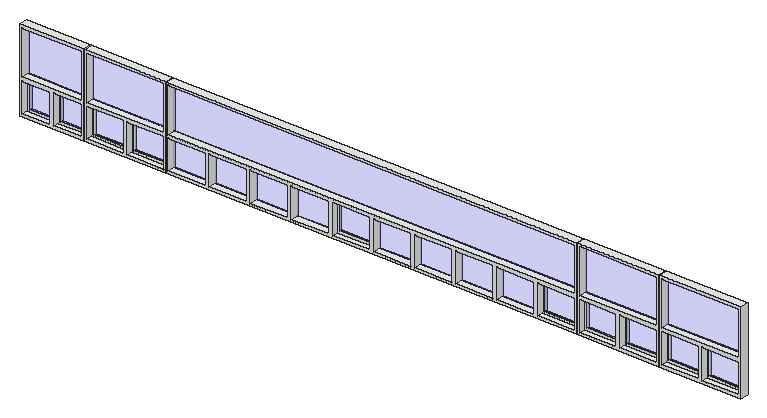
Revit family
Parameters (values of type "AW16")
  창 두께 = 150 mm
  창 패널 = AW16 창 패널
  창 프레임 = AW16 창 프레임
  Rough Height = 750 mm
  길이 1 = (Width - 5675 mm) / 10  # 750 mm
  Height = 1500 mm
  절반 창 두께 = 창 두께 / 2  # 75 mm
  기본 씰 높이 = 900 mm
  Wall Closure = (empty or 0)
  Width = 13175 mm
Reference planes
  plane 1: y = 0
  plane 2 "중심(왼쪽/오른쪽)": x = 0
  plane 3 "왼쪽": x = -6425
  plane 4 "오른쪽": x = 6750
  plane 5 "씰": z = 900
  plane 6 "헤드": z = 2400
  plane 7 "외부": y = 100
  plane 8 "내부": y = -100
  plane 9: y = 75
  plane 10: y = -75
  plane 11: y = 35
  plane 12: z = 1500
  plane 13: z = 1490
  plane 14: z = 1545
  plane 15: y = 55
  plane 16: y = 66
  plane 17: y = 44
  plane 18: y = -11
  plane 19: y = 11
  plane 20: x = 1500
  plane 21: x = 750
  plane 22: x = 2250
  plane 23: x = 3000
  plane 24: x = 3750
  plane 25: x = 32.5
  plane 26: x = 782.5
  plane 27: x = 717.5
  plane 28: x = 1532.5
  plane 29: x = 1467.5
  plane 30: x = 2282.5
  plane 31: x = 2217.5
  plane 32: x = 3032.5
  plane 33: x = 2967.5
  plane 34: x = 3717.5
  plane 35: z = 945
  plane 36: z = 2355
  plane 37: x = -1500
  plane 38: x = -750
  plane 39: x = -2250
  plane 40: x = -3000
  plane 41: x = -3750
  plane 42: x = -32.5
  plane 43: x = -782.5
  plane 44: x = -717.5
  plane 45: x = -1532.5
  plane 46: x = -1467.5
  plane 47: x = -2282.5
  plane 48: x = -2217.5
  plane 49: x = -3032.5
  plane 50: x = -2967.5
  plane 51: x = -3717.5
  plane 52: x = 3677.5
  plane 53: z = 985
  plane 54: x = 3072.5
  plane 55: z = 1450
  plane 56: x = -72.5
  plane 57: x = -677.5
  plane 58: z = 1450
  plane 59: z = 985
Forms (mm)
  Extrusion 1, solid, material "AW16 창 프레임" <- "창 프레임"
    sketch origin (-2000, 75, 1000) x (-1, 0, 0) y (0, 0, 1)
      loop
        line (-5750, 1400) -> (-5750, -100) -> (1750, -100) -> (1750, 1400) -> (-5750, 1400)
      loop
        line (-5717.5, 1355) -> (-5717.5, 545) -> (1717.5, 545) -> (1717.5, 1355) -> (-5717.5, 1355)
      loop
        line (-5717.5, 490) -> (-5717.5, -55) -> (-5032.5, -55) -> (-5032.5, 490) -> (-5717.5, 490)
      loop
        line (-4967.5, 490) -> (-4967.5, -55) -> (-4282.5, -55) -> (-4282.5, 490) -> (-4967.5, 490)
      loop
        line (-4217.5, 490) -> (-4217.5, -55) -> (-3532.5, -55) -> (-3532.5, 490) -> (-4217.5, 490)
      loop
        line (-3467.5, 490) -> (-3467.5, -55) -> (-2782.5, -55) -> (-2782.5, 490) -> (-3467.5, 490)
      loop
        line (-2717.5, 490) -> (-2717.5, -55) -> (-2032.5, -55) -> (-2032.5, 490) -> (-2717.5, 490)
      loop
        line (-1967.5, 490) -> (-1967.5, -55) -> (-1282.5, -55) -> (-1282.5, 490) -> (-1967.5, 490)
      loop
        line (-1217.5, 490) -> (-1217.5, -55) -> (-532.5, -55) -> (-532.5, 490) -> (-1217.5, 490)
      loop
        line (-467.5, 490) -> (-467.5, -55) -> (217.5, -55) -> (217.5, 490) -> (-467.5, 490)
      loop
        line (282.5, 490) -> (282.5, -55) -> (967.5, -55) -> (967.5, 490) -> (282.5, 490)
      loop
        line (1032.5, 490) -> (1032.5, -55) -> (1717.5, -55) -> (1717.5, 490) -> (1032.5, 490)
    from -150 to 0
  Extrusion 2, void
    sketch origin (-2000, 75, 1000) x (1, 0, 0) y (0, 0, 1)
      loop
        line (5750, 1400) -> (-1750, 1400) -> (-1750, -100) -> (5750, -100) -> (5750, 1400)
    from -25 to 175
  Extrusion 3, solid, material "AW16 창 프레임" <- "창 프레임"
    sketch origin (-2000, 75, 1000) x (-1, 0, 0) y (0, 0, 1)
      loop
        line (-5717.5, 490) -> (-5717.5, -55) -> (-5032.5, -55) -> (-5032.5, 490) -> (-5717.5, 490)
      loop
        line (-5677.5, 450) -> (-5677.5, -15) -> (-5072.5, -15) -> (-5072.5, 450) -> (-5677.5, 450)
      loop
        line (-1967.5, 490) -> (-1967.5, -55) -> (-1282.5, -55) -> (-1282.5, 490) -> (-1967.5, 490)
      loop
        line (-1927.5, 450) -> (-1927.5, -15) -> (-1322.5, -15) -> (-1322.5, 450) -> (-1927.5, 450)
    from -40 to 0
  Extrusion 4, solid, material "AW16 창 패널" <- "창 패널"
    sketch origin (-2000, 75, 1000) x (-1, 0, 0) y (0, 0, 1)
      loop
        line (-5717.5, 1355) -> (-5717.5, 545) -> (1717.5, 545) -> (1717.5, 1355) -> (-5717.5, 1355)
      loop
        line (-5677.5, 450) -> (-5677.5, -15) -> (-5072.5, -15) -> (-5072.5, 450) -> (-5677.5, 450)
      loop
        line (-4967.5, 490) -> (-4967.5, -55) -> (-4282.5, -55) -> (-4282.5, 490) -> (-4967.5, 490)
      loop
        line (-4217.5, 490) -> (-4217.5, -55) -> (-3532.5, -55) -> (-3532.5, 490) -> (-4217.5, 490)
      loop
        line (-3467.5, 490) -> (-3467.5, -55) -> (-2782.5, -55) -> (-2782.5, 490) -> (-3467.5, 490)
      loop
        line (-2717.5, 490) -> (-2717.5, -55) -> (-2032.5, -55) -> (-2032.5, 490) -> (-2717.5, 490)
      loop
        line (-1927.5, 450) -> (-1927.5, -15) -> (-1322.5, -15) -> (-1322.5, 450) -> (-1927.5, 450)
      loop
        line (-1217.5, 490) -> (-1217.5, -55) -> (-532.5, -55) -> (-532.5, 490) -> (-1217.5, 490)
      loop
        line (-467.5, 490) -> (-467.5, -55) -> (217.5, -55) -> (217.5, 490) -> (-467.5, 490)
      loop
        line (282.5, 490) -> (282.5, -55) -> (967.5, -55) -> (967.5, 490) -> (282.5, 490)
      loop
        line (1032.5, 490) -> (1032.5, -55) -> (1717.5, -55) -> (1717.5, 490) -> (1032.5, 490)
    from -31 to -9
Lines and regions (mm)
  symbolic lines, style "입면도 스윙"
    curve 1: line (22.5, 75, 945) -> (-32.5, 75, 945)
    curve 2: line (-22.5, 75, 945) -> (32.5, 75, 945)
  symbolic lines
    curve 3: line (-6425, 0, 0) -> (-5295, 0, 0)
    curve 4: line (-5295, 75, 0) -> (-5295, -75, 0)
    curve 5: line (-5205, 75, 0) -> (-5205, -75, 0)
    curve 6: line (-5205, 0, 0) -> (-3795, 0, 0)
    curve 7: line (-3795, 75, 0) -> (-3795, -75, 0)
    curve 8: line (-3717.5, 75, 0) -> (-3717.5, -75, 0)
    curve 9: line (-6425, 75, 0) -> (6750, 75, 0)
    curve 10: line (-3717.5, 0, 0) -> (3717.5, 0, 0)
    curve 11: line (-6425, -75, 0) -> (6750, -75, 0)
    curve 12: line (3717.5, 75, 0) -> (3717.5, -75, 0)
    curve 13: line (3795, 75, 0) -> (3795, -75, 0)
    curve 14: line (3795, 0, 0) -> (5205, 0, 0)
    curve 15: line (5205, 75, 0) -> (5205, -75, 0)
    curve 16: line (5295, 75, 0) -> (5295, -75, 0)
    curve 17: line (5295, 0, 0) -> (6750, 0, 0)
    curve 18: line (6750, 100, 0) -> (6750, -100, 0)
    curve 19: line (-6425, 100, 0) -> (-6425, -100, 0)
Text (mm)
  text "외부" at (-1963.203, 1332.353, 0), in view "참조 레벨"
  text "내부" at (-1981.466, -818.386, 0), in view "참조 레벨"
  text "외부" at (0, 923.751, 2943.296), in view "오른쪽"
  text "외부" at (0, 1040.484, 2685.409), in view "왼쪽"
Dimensions and locks
  "Width": plane 3 "왼쪽" to plane 4 "오른쪽"
  "Height": plane 5 "씰" to plane 6 "헤드"
  "기본 씰 높이": plane 5 "씰" to level
  locked: plane 7 "외부" to host wall at 0
  locked: plane 8 "내부" to host wall
  plane 13 to plane 12 to plane 14 = 10 mm locked, 45 mm locked
  plane 9 to plane 15 to plane 11 = 20 mm locked, 20 mm locked
  plane 16 to plane 15 to plane 17 = 11 mm locked, 11 mm locked
  plane 19 to host wall to plane 18 = 11 mm locked, 11 mm locked
  locked: plane 5 "씰" to plane 12 at 600
  "절반 창 두께": plane 9 to host wall
  "절반 창 두께": host wall to plane 10
  "길이 1": plane 2 "중심(왼쪽/오른쪽)" to plane 21
  "길이 1": plane 21 to plane 20
  "길이 1": plane 20 to plane 22
  "길이 1": plane 22 to plane 23
  "길이 1": plane 23 to plane 24
  locked: plane 2 "중심(왼쪽/오른쪽)" to plane 25 at 32.5
  locked: plane 21 to plane 26 at 32.5
  locked: plane 27 to plane 21 at 32.5
  locked: plane 34 to plane 24 at 32.5
  locked: plane 23 to plane 32 at 32.5
  locked: plane 33 to plane 23 at 32.5
  locked: plane 22 to plane 30 at 32.5
  locked: plane 31 to plane 22 at 32.5
  locked: plane 20 to plane 28 at 32.5
  locked: plane 29 to plane 20 at 32.5
  locked: plane 5 "씰" to plane 35 at 45
  locked: plane 36 to plane 6 "헤드" at 45
  "길이 1": plane 2 "중심(왼쪽/오른쪽)" to plane 38
  "길이 1": plane 38 to plane 37
  "Rough Height": plane 37 to plane 39
  "길이 1": plane 39 to plane 40
  "길이 1": plane 40 to plane 41
  locked: plane 2 "중심(왼쪽/오른쪽)" to plane 42 at 32.5
  locked: plane 38 to plane 43 at 32.5
  locked: plane 44 to plane 38 at 32.5
  locked: plane 51 to plane 41 at 32.5
  locked: plane 40 to plane 49 at 32.5
  locked: plane 50 to plane 40 at 32.5
  locked: plane 39 to plane 47 at 32.5
  locked: plane 48 to plane 39 at 32.5
  locked: plane 37 to plane 45 at 32.5
  locked: plane 46 to plane 37 at 32.5
  locked: plane 55 to plane 13 at 40
  locked: plane 52 to plane 34 at 40
  locked: plane 32 to plane 54 at 40
  locked: plane 35 to plane 53 at 40
  locked: plane 35 to plane 59 at 40
  locked: plane 58 to plane 13 at 40
  locked: plane 57 to plane 44 at 40
  locked: plane 56 to plane 42 at 40
  aligned and locked: plane 5 "씰" to nested 1
  aligned and locked: Extrusion 1 sketch curve to plane 5 "씰"
  aligned and locked: plane 24 to Extrusion 1 sketch curve
  aligned and locked: plane 6 "헤드" to Extrusion 1 sketch curve
  aligned and locked: plane 41 to Extrusion 1 sketch curve
  aligned and locked: plane 34 to Extrusion 1 sketch curve  (x2)
  aligned and locked: Extrusion 1 sketch curve to plane 14
  aligned and locked: Extrusion 1 sketch curve to plane 36
  aligned and locked: plane 51 to Extrusion 1 sketch curve  (x2)
  aligned and locked: plane 13 to Extrusion 1 sketch curve  (x10)
  aligned and locked: plane 35 to Extrusion 1 sketch curve  (x10)
  aligned and locked: Extrusion 1 sketch curve to plane 32
  aligned and locked: plane 33 to Extrusion 1 sketch curve
  aligned and locked: Extrusion 1 sketch curve to plane 30
  aligned and locked: plane 31 to Extrusion 1 sketch curve
  aligned and locked: Extrusion 1 sketch curve to plane 28
  aligned and locked: plane 29 to Extrusion 1 sketch curve
  aligned and locked: Extrusion 1 sketch curve to plane 26
  aligned and locked: plane 27 to Extrusion 1 sketch curve
  aligned and locked: Extrusion 1 sketch curve to plane 25
  aligned and locked: Extrusion 1 sketch curve to plane 42
  aligned and locked: plane 44 to Extrusion 1 sketch curve
  aligned and locked: Extrusion 1 sketch curve to plane 43
  aligned and locked: plane 46 to Extrusion 1 sketch curve
  aligned and locked: Extrusion 1 sketch curve to plane 45
  aligned and locked: plane 48 to Extrusion 1 sketch curve
  aligned and locked: Extrusion 1 sketch curve to plane 47
  aligned and locked: plane 50 to Extrusion 1 sketch curve
  aligned and locked: Extrusion 1 sketch curve to plane 49
  aligned and locked: plane 24 to Extrusion 2 sketch curve
  aligned and locked: plane 6 "헤드" to Extrusion 2 sketch curve
  aligned and locked: Extrusion 2 sketch curve to plane 5 "씰"
  aligned and locked: plane 41 to Extrusion 2 sketch curve
  aligned and locked: Extrusion 2 to plane 8 "내부"
  aligned and locked: host wall to Extrusion 2
  aligned and locked: Extrusion 1 to plane 9
  aligned and locked: plane 13 to Extrusion 3 sketch curve  (x2)
  aligned and locked: plane 34 to Extrusion 3 sketch curve
  aligned and locked: plane 35 to Extrusion 3 sketch curve  (x2)
  aligned and locked: Extrusion 3 sketch curve to plane 32
  aligned and locked: Extrusion 3 sketch curve to plane 55
  aligned and locked: plane 52 to Extrusion 3 sketch curve
  aligned and locked: plane 53 to Extrusion 3 sketch curve
  aligned and locked: Extrusion 3 sketch curve to plane 54
  aligned and locked: Extrusion 3 sketch curve to plane 42
  aligned and locked: plane 44 to Extrusion 3 sketch curve
  aligned and locked: Extrusion 3 sketch curve to plane 58
  aligned and locked: plane 56 to Extrusion 3 sketch curve
  aligned and locked: plane 59 to Extrusion 3 sketch curve
  aligned and locked: Extrusion 3 sketch curve to plane 57
  aligned and locked: Extrusion 3 to plane 11
  aligned and locked: plane 34 to Extrusion 4 sketch curve
  aligned and locked: Extrusion 4 sketch curve to plane 14
  aligned and locked: Extrusion 4 sketch curve to plane 36
  aligned and locked: plane 51 to Extrusion 4 sketch curve  (x2)
  aligned and locked: plane 53 to Extrusion 4 sketch curve
  aligned and locked: plane 52 to Extrusion 4 sketch curve
  aligned and locked: Extrusion 4 sketch curve to plane 55
  aligned and locked: Extrusion 4 sketch curve to plane 54
  aligned and locked: plane 33 to Extrusion 4 sketch curve
  aligned and locked: plane 35 to Extrusion 4 sketch curve  (x8)
  aligned and locked: plane 13 to Extrusion 4 sketch curve  (x8)
  aligned and locked: Extrusion 4 sketch curve to plane 30
  aligned and locked: plane 31 to Extrusion 4 sketch curve
  aligned and locked: Extrusion 4 sketch curve to plane 28
  aligned and locked: plane 29 to Extrusion 4 sketch curve
  aligned and locked: Extrusion 4 sketch curve to plane 26
  aligned and locked: plane 27 to Extrusion 4 sketch curve
  aligned and locked: Extrusion 4 sketch curve to plane 25
  aligned and locked: plane 56 to Extrusion 4 sketch curve
  aligned and locked: Extrusion 4 sketch curve to plane 58
  aligned and locked: plane 59 to Extrusion 4 sketch curve
  aligned and locked: Extrusion 4 sketch curve to plane 57
  aligned and locked: Extrusion 4 sketch curve to plane 43
  aligned and locked: plane 46 to Extrusion 4 sketch curve
  aligned and locked: Extrusion 4 sketch curve to plane 45
  aligned and locked: plane 48 to Extrusion 4 sketch curve
  aligned and locked: Extrusion 4 sketch curve to plane 47
  aligned and locked: plane 50 to Extrusion 4 sketch curve
  aligned and locked: Extrusion 4 sketch curve to plane 49
  aligned and locked: Extrusion 3 to plane 9
  aligned and locked: Extrusion 4 to plane 17
  aligned and locked: Extrusion 4 to plane 16
  aligned and locked: plane 24 to nested 1
  aligned and locked: nested 2 to plane 5 "씰"
  aligned and locked: nested 2 to nested 1
  aligned and locked: plane 5 "씰" to nested 3
  aligned and locked: nested 3 to plane 41
  aligned and locked: plane 5 "씰" to nested 4
  aligned and locked: nested 4 to nested 3
  aligned and locked: Extrusion 1 to plane 10
  aligned and locked: curve 19 to plane 8 "내부"
  aligned and locked: curve 19 to plane 7 "외부"
  aligned and locked: curve 19 to nested 4
  aligned and locked: nested 4 to curve 3
  aligned and locked: nested 4 to curve 9
  aligned and locked: nested 2 to curve 9
  aligned and locked: host wall to curve 3
  aligned and locked: plane 10 to curve 4
  aligned and locked: plane 9 to curve 4
  aligned and locked: nested 4 to curve 4
  aligned and locked: plane 10 to curve 5
  aligned and locked: plane 9 to curve 5
  aligned and locked: nested 3 to curve 5
  aligned and locked: curve 5 to curve 6
  aligned and locked: nested 3 to curve 6
  aligned and locked: host wall to curve 6
  aligned and locked: nested 3 to curve 7
  aligned and locked: curve 8 to Extrusion 1
  aligned and locked: Extrusion 1 to curve 10  (x2)
  aligned and locked: host wall to curve 10
  aligned and locked: curve 12 to Extrusion 1
  aligned and locked: nested 1 to curve 13
  aligned and locked: curve 13 to curve 14
  aligned and locked: nested 1 to curve 14
  aligned and locked: host wall to curve 14
  aligned and locked: nested 1 to curve 15
  aligned and locked: nested 2 to curve 16
  aligned and locked: curve 16 to curve 17
  aligned and locked: nested 2 to curve 17
  aligned and locked: host wall to curve 17
  aligned and locked: plane 8 "내부" to curve 18
  aligned and locked: plane 7 "외부" to curve 18
Automatic sketch dimensions
  curve 2 to plane 25 = 0 mm
  curve 1 to plane 35 = 0 mm
  curve 2 to plane 35 = 0 mm
  curve 1 to plane 42 = 0 mm
  curve 2 to curve 1 = 10 mm  (x2)
Nested families
  nested 1: "AW9 2" at (4500, 0, 0), type "AW9"
  nested 2: "AW9 2" at (6000, 0, 0), type "AW9"
  nested 3: "AW9 2" at (-4500, 0, 0), type "AW9"
  nested 4: "AW9 2" at (-5837.5, 0, 0), type "1175"
    with 창 두께 150 mm, 절반 창 두께 75 mm, Width 1175 mm
Definition of nested family "AW9 2"
  Parameters (values of type "AW9-1")
    창 두께 = 100 mm
    창 패널 = AW9 창 패널
    창 프레임 = AW9 창 프레임
    Height = 1500 mm
    절반 창 두께 = 창 두께 / 2  # 50 mm
    기본 씰 높이 = 900 mm
    Wall Closure = (empty or 0)
    Width = 1500 mm
    Assembly Code = ""
  Types (2, lengths in mm): name | 창 두께 | 창 패널 | 창 프레임 | 절반 창 두께
    AW9 | 150 | AW19 창 패널 | AW19 창 프레임 | 75
    AW9-1 | 100 | AW9 창 패널 | AW9 창 프레임 | 50
  Reference planes
    plane 1: y = 0
    plane 2 "중심(왼쪽/오른쪽)": x = 0
    plane 3 "왼쪽": x = -750
    plane 4 "오른쪽": x = 750
    plane 5 "씰": z = 900
    plane 6 "헤드": z = 2400
    plane 7 "외부": y = 100
    plane 8 "내부": y = -100
    plane 9: y = 50
    plane 10: y = -50
    plane 11: y = 10
    plane 12: x = -705
    plane 13: x = 705
    plane 14: x = -695
    plane 15: x = 695
    plane 16: z = 1500
    plane 17: z = 1490
    plane 18: z = 1545
    plane 19: y = 30
    plane 20: y = 41
    plane 21: y = 19
    plane 22: y = -11
    plane 23: y = 11
    plane 24: x = -22.5
    plane 25: x = 22.5
    plane 26: x = -32.5
    plane 27: x = 32.5
    plane 28: z = 2355
    plane 29: z = 945
    plane 30: x = 655
    plane 31: z = 1450
    plane 32: x = -655
    plane 33: z = 985
    plane 34: x = 72.5
    plane 35: x = -72.5
    plane 36: x = 368.75
    plane 37: x = -368.75
  Forms (mm)
    Extrusion 1, solid, material "AW9 창 프레임" <- "창 프레임"
      sketch origin (-2000, 50, 1000) x (-1, 0, 0) y (0, 0, 1)
        loop
          line (-2750, 1400) -> (-2750, -100) -> (-1250, -100) -> (-1250, 1400) -> (-2750, 1400)
        loop
          line (-2705, 1355) -> (-2705, 545) -> (-1295, 545) -> (-1295, 1355) -> (-2705, 1355)
        loop
          line (-2705, -55) -> (-2032.5, -55) -> (-2032.5, 490) -> (-2705, 490) -> (-2705, -55)
        loop
          line (-1295, -55) -> (-1295, 490) -> (-1967.5, 490) -> (-1967.5, -55) -> (-1295, -55)
      from -100 to 0
    Extrusion 2, solid, material "AW9 창 프레임" <- "창 프레임"
      sketch origin (-2000, 50, 1000) x (-1, 0, 0) y (0, 0, 1)
        loop
          line (-2705, 490) -> (-2705, -55) -> (-2032.5, -55) -> (-2032.5, 490) -> (-2705, 490)
        loop
          line (-1967.5, 490) -> (-1967.5, -55) -> (-1295, -55) -> (-1295, 490) -> (-1967.5, 490)
        loop
          line (-2655, 450) -> (-2655, -15) -> (-2072.5, -15) -> (-2072.5, 450) -> (-2655, 450)
        loop
          line (-1927.5, 450) -> (-1927.5, -15) -> (-1345, -15) -> (-1345, 450) -> (-1927.5, 450)
      from -40 to 0
    Extrusion 3, solid, material "AW9 창 패널" <- "창 패널"
      sketch origin (-2000, 50, 1000) x (-1, 0, 0) y (0, 0, 1)
        loop
          line (-2705, 1355) -> (-2705, 545) -> (-1295, 545) -> (-1295, 1355) -> (-2705, 1355)
        loop
          line (-2655, 450) -> (-2655, -15) -> (-2072.5, -15) -> (-2072.5, 450) -> (-2655, 450)
        loop
          line (-1927.5, 450) -> (-1927.5, -15) -> (-1345, -15) -> (-1345, 450) -> (-1927.5, 450)
      from -31 to -9
  Lines and regions (mm)
    Opening 1
      outline origin (3500, -100, 0) x (1, 0, 0) y (0, 0, 1)
        loop
          line (-2750, 900) -> (-2750, 2400) -> (-4250, 2400) -> (-4250, 900) -> (-2750, 900)
    symbolic lines, style "입면도 스윙"
      curve 1: line (368.75, 50, 1490) -> (705, 50, 945)
      curve 2: line (368.75, 50, 1490) -> (32.5, 50, 945)
      curve 3: line (-32.5, 50, 945) -> (-368.75, 50, 1490)
      curve 4: line (-368.75, 50, 1490) -> (-705, 50, 945)
  Text (mm)
    text "외부" at (-1963.203, 1332.353, 0), in view "참조 레벨"
    text "내부" at (-1981.466, -818.386, 0), in view "참조 레벨"
    text "외부" at (0, 923.751, 2943.296), in view "오른쪽"
    text "외부" at (0, 1040.484, 2685.409), in view "왼쪽"
  Dimensions and locks
    equal spacing: plane 3 "왼쪽", plane 2 "중심(왼쪽/오른쪽)", plane 4 "오른쪽"
    "Width": plane 3 "왼쪽" to plane 4 "오른쪽"
    "Height": plane 5 "씰" to plane 6 "헤드"
    locked: plane 7 "외부" to host wall at 0
    locked: plane 8 "내부" to host wall
    plane 17 to plane 16 to plane 18 = 10 mm locked, 45 mm locked
    plane 9 to plane 19 to plane 11 = 20 mm locked, 20 mm locked
    plane 20 to plane 19 to plane 21 = 11 mm locked, 11 mm locked
    plane 23 to host wall to plane 22 = 11 mm locked, 11 mm locked
    plane 3 "왼쪽" to plane 12 to plane 14 = 45 mm locked, 10 mm locked
    plane 15 to plane 13 to plane 4 "오른쪽" = 10 mm locked, 45 mm locked
    plane 24 to plane 2 "중심(왼쪽/오른쪽)" to plane 25 = 22.5 mm locked, 22.5 mm locked
    locked: plane 26 to plane 24 at 10
    locked: plane 25 to plane 27 at 10
    locked: plane 5 "씰" to plane 16 at 600
    "절반 창 두께": plane 9 to plane 1
    "절반 창 두께": plane 10 to plane 1
    "기본 씰 높이": level to plane 5 "씰"
    locked: plane 28 to plane 6 "헤드" at 45
    locked: plane 5 "씰" to plane 29 at 45
    locked: plane 30 to plane 15 at 40
    locked: plane 31 to plane 17 at 40
    locked: plane 14 to plane 32 at 40
    locked: plane 29 to plane 33 at 40
    locked: plane 34 to plane 27 at 40
    locked: plane 26 to plane 35 at 40
    equal spacing: plane 27, plane 36, plane 13
    equal spacing: plane 26, plane 37, plane 12
    aligned and locked: plane 6 "헤드" to Extrusion 1 sketch curve
    aligned and locked: plane 4 "오른쪽" to Extrusion 1 sketch curve
    aligned and locked: Extrusion 1 sketch curve to plane 5 "씰"
    aligned and locked: Extrusion 1 sketch curve to plane 3 "왼쪽"
    aligned and locked: Extrusion 1 sketch curve to plane 28
    aligned and locked: plane 13 to Extrusion 1 sketch curve  (x2)
    aligned and locked: plane 29 to Extrusion 1 sketch curve  (x2)
    aligned and locked: Extrusion 1 sketch curve to plane 12
    aligned and locked: plane 18 to Extrusion 1 sketch curve
    aligned and locked: plane 12 to Extrusion 1 sketch curve
    aligned and locked: plane 17 to Extrusion 1 sketch curve  (x2)
    aligned and locked: plane 27 to Extrusion 1 sketch curve
    aligned and locked: plane 26 to Extrusion 1 sketch curve
    aligned and locked: Extrusion 1 to plane 10
    aligned and locked: plane 9 to Extrusion 1
    aligned and locked: plane 17 to Extrusion 2 sketch curve  (x2)
    aligned and locked: plane 13 to Extrusion 2 sketch curve
    aligned and locked: plane 29 to Extrusion 2 sketch curve  (x2)
    aligned and locked: plane 27 to Extrusion 2 sketch curve
    aligned and locked: Extrusion 2 sketch curve to plane 31  (x2)
    aligned and locked: plane 30 to Extrusion 2 sketch curve
    aligned and locked: plane 33 to Extrusion 2 sketch curve  (x2)
    aligned and locked: Extrusion 2 sketch curve to plane 34
    aligned and locked: Extrusion 2 sketch curve to plane 26
    aligned and locked: Extrusion 2 sketch curve to plane 12
    aligned and locked: plane 35 to Extrusion 2 sketch curve
    aligned and locked: Extrusion 2 sketch curve to plane 32
    aligned and locked: Extrusion 2 to plane 9
    aligned and locked: Extrusion 2 to plane 11
    aligned and locked: Extrusion 3 sketch curve to plane 28
    aligned and locked: plane 13 to Extrusion 3 sketch curve
    aligned and locked: Extrusion 3 sketch curve to plane 18
    aligned and locked: Extrusion 3 sketch curve to plane 12
    aligned and locked: Extrusion 3 sketch curve to plane 31  (x2)
    aligned and locked: plane 30 to Extrusion 3 sketch curve
    aligned and locked: plane 33 to Extrusion 3 sketch curve  (x2)
    aligned and locked: Extrusion 3 sketch curve to plane 34
    aligned and locked: plane 35 to Extrusion 3 sketch curve
    aligned and locked: Extrusion 3 sketch curve to plane 32
    aligned and locked: Extrusion 3 to plane 21
    aligned and locked: plane 20 to Extrusion 3
    aligned and locked: plane 36 to curve 1
    aligned and locked: plane 29 to curve 1
    aligned and locked: plane 13 to curve 1
    aligned and locked: plane 17 to curve 2
    aligned and locked: plane 27 to curve 2
    aligned and locked: plane 29 to curve 2
    aligned and locked: plane 17 to curve 3
    aligned and locked: plane 37 to curve 3
    aligned and locked: plane 29 to curve 3
    aligned and locked: plane 26 to curve 3
    aligned and locked: plane 29 to curve 4
    aligned and locked: plane 12 to curve 4
  Automatic sketch dimensions
    Opening 1 sketch curve to plane 3 "왼쪽" = 0 mm
    Opening 1 sketch curve to plane 4 "오른쪽" = 0 mm
    Opening 1 sketch curve to plane 5 "씰" = 0 mm
    Opening 1 sketch curve to plane 6 "헤드" = 0 mm
    Extrusion 1 sketch curve to plane 17 = 0 mm
    Extrusion 1 sketch curve to plane 29 = 0 mm
